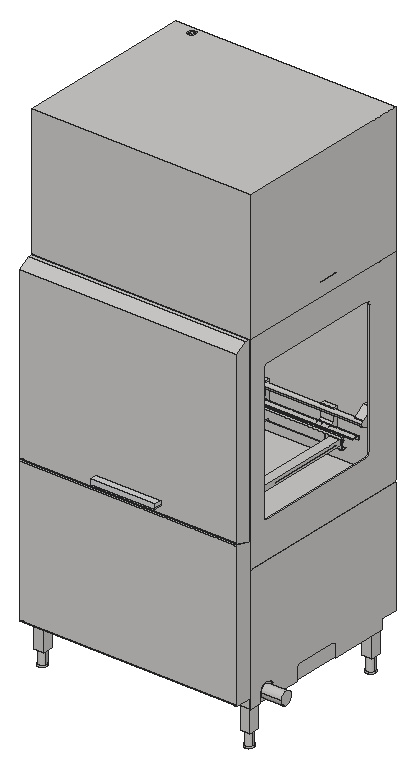
Revit family "QF_ELECTROLUXPROFESSIONAL_535039_NLDE", category Specialty Equipment, Revit 2018
Family settings
  Round Connector Dimension = Use Diameter
  Part Type = Normal
  Work Plane-Based = No
  Always vertical = Yes
  Cut with Voids When Loaded = No
  Shared = No
  Room Calculation Point = No
Parameters
  Weight = 0.00 kg
  Watts = 0 W
  Volts = 380 V
  URL Manufacturer = "http://professional.electrolux.com/"
  URL = "http://professional.electrolux.com/"
  Steam Supply Size = 0 mm
  Steam Supply Minimum Pressure = 0.0 Pa
  Steam Supply Maximum Pressure = 0.0 Pa
  Steam Pounds per Hour = 0
  Show Clearance [instance] = yes
  Refrigeration Suction Line Size = 0 mm
  Refrigeration Liquid Line Size = 0 mm
  Refrigerant Compressor Remote = yes
  Manufacturer = "Zanussi"
  Phase = 3
  Model = "NLDE"
  Length Actual = 890 mm  # constant formula
  Item Number = "535039"
  Hot Water Size = 0 mm
  Height Actual = 2020 mm  # constant formula
  HP = "11.4 HP"
  Gas Size = 0 mm
  Gas KW = 0
  Gas Input Pressure = 0 W
  Direct Waste Size = 50 mm
  Description = "LARGE DRYER WITH DOOR RT-ELEC."
  Depth Actual = 825 mm  # constant formula
  Cycle = 50 Hz
  Condensate Return Size = 0 mm
  Compressed Air Volume = 0.0 L/s
  Compressed Air Size = 0 mm
  Compressed Air Pressure = 0.0 Pa
  Cold Water Size = 0 mm
  Accessory = yes
Reference planes
  plane 1 "Center X": y = -14.242
  plane 2: z = 0
  plane 3 "Center Y": x = 293.437
  plane 4 "LEFT": x = -151.563
  plane 5 "RIGHT": x = 738.437
  plane 6 "BACK": y = 383.258
  plane 7 "FRONT": y = -411.742
  plane 8: z = 150
  plane 9: z = 2095
  plane 10: z = 185
  plane 11 "TOP": z = 2020
Forms (mm)
  Extrusion 1, solid, material "QF_Clearance", visible <- "Show Clearance", detail levels coarse
    sketch origin (0, 0, 0) x (1, 0, 0) y (0, 1, 0)
      loop
        line (-151.563, 383.258) -> (738.437, 383.258) -> (738.437, 433.258) -> (-151.563, 433.258) -> (-151.563, 383.258)
    from 0 to 2020
  Extrusion 2, solid, material "QF_Finishes_Stainless Steel"
    sketch origin (-151.563, 437.565, 4000) x (0, 1, 0) y (0, 0, 1)
      loop
        line (-54.307, -2507) -> (-786.807, -2507) -> (-786.807, -3337)
        arc (-786.807, -3337) -> (-785.343, -3340.536) -> (-781.807, -3342) r 5
        line (-781.807, -3342) -> (-59.307, -3342)
        arc (-59.307, -3342) -> (-55.772, -3340.536) -> (-54.307, -3337) r 5
        line (-54.307, -3337) -> (-54.307, -2507)
      loop
        line (-203.511, -2625.157) -> (-705.104, -2625.157)
        arc (-705.104, -2625.157) -> (-717.267, -2630.195) -> (-722.305, -2642.358) r 17.201
        line (-722.305, -2642.358) -> (-722.305, -3177.057)
        arc (-722.305, -3177.057) -> (-717.267, -3189.22) -> (-705.104, -3194.258) r 17.201
        line (-705.104, -3194.258) -> (-203.511, -3194.258)
        arc (-203.511, -3194.258) -> (-191.348, -3189.22) -> (-186.31, -3177.057) r 17.201
        line (-186.31, -3177.057) -> (-186.31, -2642.358)
        arc (-186.31, -2642.358) -> (-191.348, -2630.195) -> (-203.511, -2625.157) r 17.201
    from 0 to 5
  Extrusion 3, solid, material "QF_Finishes_Stainless Steel"
    sketch origin (293.437, 0, 235) x (0, 1, 0) y (0, 0, 1)
      loop
        line (383.258, 1785) -> (-349.242, 1785) -> (-349.242, 1258) -> (383.258, 1258) -> (383.258, 1785)
    from -445 to 445
  Extrusion 4, solid, material "QF_Finishes_Stainless Steel"
    sketch origin (293.437, 0, 0) x (0, 1, 0) y (0, 0, 1)
      loop
        line (383.258, 1493) -> (-349.242, 1493) -> (-349.242, 150) -> (315.758, 150) -> (315.758, 188) -> (383.258, 188) -> (383.258, 1493)
      loop
        line (315.758, 1443) -> (-324.242, 1443) -> (-324.242, 708) -> (315.758, 708) -> (315.758, 1443)
    from -440 to 440
  Extrusion 5, solid, material "QF_Finishes_Stainless Steel"
    sketch origin (-151.563, 437.565, 4000) x (0, 1, 0) y (0, 0, 1)
      loop
        line (-59.307, -3344) -> (-781.807, -3344)
        arc (-781.807, -3344) -> (-785.343, -3345.464) -> (-786.807, -3349) r 5
        line (-786.807, -3349) -> (-786.807, -3850) -> (-740.31, -3850) -> (-740.31, -3815)
        arc (-740.31, -3815) -> (-707.31, -3782) -> (-674.31, -3815) r 33
        line (-674.31, -3815) -> (-674.31, -3850) -> (-554.307, -3850) -> (-554.307, -3805)
        arc (-554.307, -3805) -> (-549.914, -3794.393) -> (-539.307, -3790) r 15
        line (-539.307, -3790) -> (-369.307, -3790)
        arc (-369.307, -3790) -> (-358.701, -3794.393) -> (-354.307, -3805) r 15
        line (-354.307, -3805) -> (-354.307, -3850) -> (-121.807, -3850) -> (-121.807, -3812) -> (-54.307, -3812) -> (-54.307, -3349)
        arc (-54.307, -3349) -> (-55.772, -3345.464) -> (-59.307, -3344) r 5
    from 0 to 5
  Extrusion 6, solid, material "QF_Finishes_Stainless Steel"
    sketch origin (738.437, 479.936, 4000) x (0, 1, 0) y (0, 0, 1)
      loop
        line (-96.678, -2507) -> (-829.178, -2507) -> (-829.178, -3337)
        arc (-829.178, -3337) -> (-827.714, -3340.536) -> (-824.178, -3342) r 5
        line (-824.178, -3342) -> (-101.678, -3342)
        arc (-101.678, -3342) -> (-98.142, -3340.536) -> (-96.678, -3337) r 5
        line (-96.678, -3337) -> (-96.678, -2507)
      loop
        line (-245.882, -2625.157) -> (-747.475, -2625.157)
        arc (-747.475, -2625.157) -> (-759.638, -2630.195) -> (-764.676, -2642.358) r 17.201
        line (-764.676, -2642.358) -> (-764.676, -3177.057)
        arc (-764.676, -3177.057) -> (-759.638, -3189.22) -> (-747.475, -3194.258) r 17.201
        line (-747.475, -3194.258) -> (-245.882, -3194.258)
        arc (-245.882, -3194.258) -> (-233.718, -3189.22) -> (-228.68, -3177.057) r 17.201
        line (-228.68, -3177.057) -> (-228.68, -2642.358)
        arc (-228.68, -2642.358) -> (-233.718, -2630.195) -> (-245.882, -2625.157) r 17.201
    from -5 to 0
  Extrusion 7, solid, material "QF_Finishes_Stainless Steel"
    sketch origin (738.437, 479.936, 4000) x (0, 1, 0) y (0, 0, 1)
      loop
        line (-101.678, -3344) -> (-824.178, -3344)
        arc (-824.178, -3344) -> (-827.714, -3345.464) -> (-829.178, -3349) r 5
        line (-829.178, -3349) -> (-829.178, -3850) -> (-782.68, -3850) -> (-782.68, -3815)
        arc (-782.68, -3815) -> (-749.68, -3782) -> (-716.68, -3815) r 33
        line (-716.68, -3815) -> (-716.68, -3850) -> (-596.678, -3850) -> (-596.678, -3805)
        arc (-596.678, -3805) -> (-592.285, -3794.393) -> (-581.678, -3790) r 15
        line (-581.678, -3790) -> (-411.678, -3790)
        arc (-411.678, -3790) -> (-401.071, -3794.393) -> (-396.678, -3805) r 15
        line (-396.678, -3805) -> (-396.678, -3850) -> (-164.178, -3850) -> (-164.178, -3812) -> (-96.678, -3812) -> (-96.678, -3349)
        arc (-96.678, -3349) -> (-98.142, -3345.464) -> (-101.678, -3344) r 5
    from -5 to 0
  Extrusion 8, void
    sketch origin (293.437, 383.258, 2020) x (1, 0, 0) y (0, -1, 0)
      loop
        circle (-353, 33.75) r 8
      loop
        circle (-353, 33.75) r 16
    from 0 to 5
Cuts and joins
  Extrusion 8 cuts Extrusion 3
Lines and regions (mm)
  symbolic lines, style "QF_Clearances", visible <- "Show Clearance", detail levels coarse
    curve 1: line (738.437, 433.258, 2020) -> (-151.563, 433.258, 2020)
  symbolic lines
    curve 2: line (-151.563, 383.258, 0) -> (738.437, 383.258, 0)
    curve 3: line (-151.563, -349.242, 0) -> (-151.563, 383.258, 0)
    curve 4: line (738.437, -349.242, 0) -> (-151.563, -349.242, 0)
    curve 5: line (738.437, 383.258, 0) -> (738.437, -349.242, 0)
    curve 6: line (-151.563, 315.758, 0) -> (738.437, 315.758, 0)
Dimensions and locks
  plane 4 "LEFT" to plane 5 "RIGHT" = 890 mm
  equal spacing: plane 6 "BACK", plane 1 "Center X", plane 7 "FRONT"
  plane 6 "BACK" to plane 7 "FRONT" = 795 mm
  plane 8 to level = 150 mm
  Extrusion 1 to Extrusion 8 sketch curve = 92 mm
  locked: Extrusion 5 to plane 4 "LEFT" at 5
  locked: plane 5 "RIGHT" to Extrusion 7 at 5
  aligned and locked: level to plane 2
  aligned and locked: plane 4 "LEFT" to nested 5
  aligned and locked: plane 5 "RIGHT" to nested 4
  aligned and locked: cut or joined group of Extrusion 3, Extrusion 8 to plane 4 "LEFT"
  aligned and locked: plane 5 "RIGHT" to cut or joined group of Extrusion 3, Extrusion 8
  aligned and locked: Extrusion 6 to Extrusion 7
  aligned and locked: Extrusion 4 to Extrusion 7
  aligned and locked: Extrusion 4 to Extrusion 5
  aligned and locked: curve 2 to plane 6 "BACK"
  aligned and locked: curve 5 to plane 5 "RIGHT"
  aligned and locked: plane 4 "LEFT" to curve 3
  aligned and locked: curve 4 to Extrusion 4
  aligned and locked: plane 3 "Center Y" to nested 3
Automatic sketch dimensions
  Extrusion 1 sketch curve to plane 4 "LEFT" = 0 mm
  Extrusion 1 sketch curve to plane 5 "RIGHT" = 0 mm
  Extrusion 1 sketch curve to plane 6 "BACK" = 0 mm
  plane 6 "BACK" to Extrusion 1 sketch curve = 50 mm
  Extrusion 2 sketch curve to plane 6 "BACK" = 0 mm
  Extrusion 2 sketch curve to Extrusion 2 sketch curve = 5 mm  (x2)
  Extrusion 2 sketch curve to plane 6 "BACK" = 132.002 mm  (x2)
  Extrusion 2 sketch curve to Extrusion 2 sketch curve = 17.201 mm  (x3)
  plane 7 "FRONT" to Extrusion 2 sketch curve = 144.203 mm  (x2)
  plane 7 "FRONT" to Extrusion 2 sketch curve = 67.5 mm
  plane 10 to Extrusion 2 sketch curve = 473 mm
  Extrusion 2 sketch curve to Extrusion 2 sketch curve = 142.742 mm
  Extrusion 2 sketch curve to Extrusion 2 sketch curve = 0 mm  (x2)
  Extrusion 2 sketch curve to Extrusion 2 sketch curve = 534.698 mm
  Extrusion 2 sketch curve to Extrusion 2 sketch curve = 135.358 mm
  Extrusion 3 sketch curve to plane 6 "BACK" = 0 mm
  plane 7 "FRONT" to Extrusion 3 sketch curve = 62.5 mm
  Extrusion 3 sketch curve to Extrusion 3 sketch curve = 527 mm
  Extrusion 4 sketch curve to plane 8 = 0 mm
  Extrusion 4 sketch curve to plane 6 "BACK" = 0 mm
  plane 10 to Extrusion 4 sketch curve = 3 mm
  Extrusion 4 sketch curve to plane 6 "BACK" = 67.5 mm  (x2)
  plane 7 "FRONT" to Extrusion 4 sketch curve = 87.5 mm
  plane 7 "FRONT" to Extrusion 4 sketch curve = 62.5 mm
  Extrusion 4 sketch curve to Extrusion 4 sketch curve = 520 mm
  Extrusion 4 sketch curve to Extrusion 4 sketch curve = 50 mm
  Extrusion 5 sketch curve to plane 8 = 0 mm  (x3)
  Extrusion 5 sketch curve to plane 10 = 0 mm  (x2)
  Extrusion 5 sketch curve to plane 6 "BACK" = 0 mm
  Extrusion 5 sketch curve to plane 6 "BACK" = 5 mm
  plane 10 to Extrusion 5 sketch curve = 3 mm
  Extrusion 5 sketch curve to Extrusion 5 sketch curve = 67.5 mm
  Extrusion 5 sketch curve to plane 1 "Center X" = 97.5 mm
  Extrusion 5 sketch curve to Extrusion 5 sketch curve = 15 mm  (x2)
  plane 10 to Extrusion 5 sketch curve = 25 mm
  plane 1 "Center X" to Extrusion 5 sketch curve = 87.5 mm
  Extrusion 5 sketch curve to Extrusion 5 sketch curve = 120.002 mm
  Extrusion 5 sketch curve to Extrusion 5 sketch curve = 33 mm
  plane 7 "FRONT" to Extrusion 5 sketch curve = 67.5 mm
  Extrusion 5 sketch curve to Extrusion 5 sketch curve = 46.498 mm
  plane 10 to Extrusion 5 sketch curve = 466 mm
  Extrusion 6 sketch curve to plane 6 "BACK" = 0 mm
  Extrusion 6 sketch curve to plane 6 "BACK" = 5 mm
  Extrusion 6 sketch curve to plane 6 "BACK" = 132.002 mm  (x2)
  Extrusion 6 sketch curve to Extrusion 6 sketch curve = 17.201 mm  (x3)
  plane 7 "FRONT" to Extrusion 6 sketch curve = 144.203 mm  (x2)
  plane 7 "FRONT" to Extrusion 6 sketch curve = 67.5 mm
  Extrusion 6 sketch curve to Extrusion 6 sketch curve = 5 mm
  plane 10 to Extrusion 6 sketch curve = 473 mm
  Extrusion 6 sketch curve to Extrusion 6 sketch curve = 142.742 mm
  Extrusion 6 sketch curve to Extrusion 6 sketch curve = 0 mm  (x2)
  Extrusion 6 sketch curve to Extrusion 6 sketch curve = 534.698 mm
  Extrusion 6 sketch curve to Extrusion 6 sketch curve = 135.358 mm
  Extrusion 7 sketch curve to plane 8 = 0 mm  (x3)
  Extrusion 7 sketch curve to plane 10 = 0 mm  (x2)
  Extrusion 7 sketch curve to plane 6 "BACK" = 0 mm
  Extrusion 7 sketch curve to plane 6 "BACK" = 5 mm
  plane 10 to Extrusion 7 sketch curve = 3 mm
  Extrusion 7 sketch curve to plane 6 "BACK" = 67.5 mm
  Extrusion 7 sketch curve to plane 1 "Center X" = 97.5 mm
  Extrusion 7 sketch curve to Extrusion 7 sketch curve = 15 mm  (x2)
  plane 10 to Extrusion 7 sketch curve = 25 mm
  plane 1 "Center X" to Extrusion 7 sketch curve = 87.5 mm
  Extrusion 7 sketch curve to Extrusion 7 sketch curve = 120.002 mm
  Extrusion 7 sketch curve to Extrusion 7 sketch curve = 33 mm
  plane 7 "FRONT" to Extrusion 7 sketch curve = 67.5 mm
  Extrusion 7 sketch curve to Extrusion 7 sketch curve = 46.498 mm
  plane 10 to Extrusion 7 sketch curve = 466 mm
  Extrusion 8 sketch curve to Extrusion 8 sketch curve = 0 mm  (x2)
  Extrusion 3 to Extrusion 8 sketch curve = 33.75 mm
  curve 1 to Extrusion 3 = 0 mm  (x2)
  curve 1 to Extrusion 3 = 50 mm
  curve 6 to plane 6 "BACK" = 67.5 mm
  Extrusion 3 sketch curve to plane 9 = 602 mm
  Extrusion 4 sketch curve to plane 9 = 652 mm
  radius of Extrusion 8 sketch curve = 8 mm
  radius of Extrusion 8 sketch curve = 16 mm
Nested families
  nested 1: "Foot_40x40_H150" at (712.437, -324.742, 0), type "Foot_40x40_H150"
  nested 2: "Foot_40x40_H150" at (712.437, 291.258, 0), type "Foot_40x40_H150"
  nested 3: "Basket_Guide+Wash_Arm_35''" at (0, 0, 0), type "Basket_Guide+Wash_Arm_35''"
  nested 4: "Drain_DX" at (-445, 0, 0), type "Drain_DX"
  nested 5: "HWI-CWI_DX" at (445, 0, 0), type "HWI-CWI_DX"
  nested 6: "Foot_40x40_H150" at (-125.563, -324.742, 0) x (-1, 0, 0) z (0, 0, 1), type "Foot_40x40_H150"
  nested 7: "Foot_40x40_H150" at (-125.563, 291.258, 0) x (-1, 0, 0) z (0, 0, 1), type "Foot_40x40_H150"
  nested 8: "Door_35''" at (-115, 0, 0), Show Clearance <- "Show Clearance", type "Door_35''"
    with Show Clearance yes
Connectors
  piping at (818.437, -269.744, 185), diameter 50
    settings: on nested 4, index 2, connector inside diameter 609.6 mm, connector length 0 mm, flow factor 0, pipe flow 0.0 L/s, pressure drop 0.0 Pa, fitting loss kfactor 0, connector angle 0.00°, fixture units 0, engagement length 0 mm, angle of deflection 0.00°, flow configuration 1, flow direction 2, fitting loss method 0, system type 16, joint type 0, gender type 0, connector reference index -1, connector utility 0, adjustable connector no, is connector primary yes, connector description "Drain"
  piping at (-231.563, 53.258, 185), diameter 36
    settings: on nested 5, index 3, connector inside diameter 609.6 mm, connector length 0 mm, flow factor 0, pipe flow 0.0 L/s, pressure drop 0.0 Pa, fitting loss kfactor 0, connector angle 0.00°, fixture units 0, engagement length 0 mm, angle of deflection 0.00°, flow configuration 1, flow direction 1, fitting loss method 0, system type 19, joint type 0, gender type 0, connector reference index -1, connector utility 0, adjustable connector no, is connector primary no, connector description "Hot Water Inlet"
  piping at (-231.563, -86.742, 185), diameter 36
    settings: on nested 5, index 4, connector inside diameter 609.6 mm, connector length 0 mm, flow factor 0, pipe flow 0.0 L/s, pressure drop 0.0 Pa, fitting loss kfactor 0, connector angle 0.00°, fixture units 0, engagement length 0 mm, angle of deflection 0.00°, flow configuration 1, flow direction 1, fitting loss method 0, system type 20, joint type 0, gender type 0, connector reference index -1, connector utility 0, adjustable connector no, is connector primary no, connector description "Cold Water Inlet"
  electrical at (-59.563, 349.508, 2020), driven by "Volts"
    settings: on cut or joined group of Extrusion 3, Extrusion 8, index 5, voltage 380 V, apparent load 0 VA, apparent load phase1 0 VA, apparent load phase2 0 VA, apparent load phase3 0 VA, power factor 1, load classification "Altro", number of poles 1, system type 30, power factor state 1, is connector primary yes, connector utility no, sub classification motor no, connector description "Electrical Connection"
Definition of nested family "Foot_40x40_H150"
  Reference planes
    plane 1 "Centro (Fronte/Retro)": y = 0
    plane 2: z = 0
    plane 3 "Centro (Sinistra/Destra)": x = 0
    plane 4: z = 150
  Forms (mm)
    Extrusion 1, solid
      sketch origin (0, 0, 0) x (1, 0, 0) y (0, 1, 0)
        loop
          circle (0, 0) r 18
      from 0 to 5
    Extrusion 2, solid
      sketch origin (0, 0, 5) x (1, 0, 0) y (0, 1, 0)
        loop
          circle (0, 0) r 15
      from 0 to 55
    Extrusion 3, solid
      sketch origin (0, 0, 60) x (1, 0, 0) y (0, 1, 0)
        loop
          line (-20, 20) -> (-20, -20) -> (20, -20) -> (20, 20) -> (-20, 20)
      from 0 to 90
  Dimensions and locks
    aligned and locked: level to plane 2
    aligned and locked: plane 4 to Extrusion 3
    aligned and locked: Extrusion 1 to level
Definition of nested family "Basket_Guide+Wash_Arm_35''"
  Reference planes
    plane 1 "Center X": y = -14.242
    plane 2: z = 0
    plane 3 "Center Y": x = 293.437
    plane 4 "LEFT": x = -151.563
    plane 5 "RIGHT": x = 738.437
    plane 6 "BACK": y = 383.258
    plane 7 "FRONT": y = -411.742
    plane 8: z = 150
    plane 9 "TOP": z = 1785
    plane 10: z = 875
  Forms (mm)
    Extrusion 1, solid
      sketch origin (293.437, -8.484, 0) x (0, -1, 0) y (0, 0, 1)
        loop
          line (267.703, 929.245) -> (267.703, 907.554) -> (315.758, 879.81) -> (315.758, 956.99) -> (267.703, 929.245)
        loop
          line (-256.187, 929.245) -> (-304.242, 956.99) -> (-324.242, 956.99) -> (-324.242, 879.81) -> (-304.242, 879.81) -> (-256.187, 907.554) -> (-256.187, 929.245)
      from -424 to -388
    Extrusion 2, solid
      sketch origin (293.437, -8.484, 0) x (0, -1, 0) y (0, 0, 1)
        loop
          circle (270.703, 918.4) r 10
        loop
          circle (-259.187, 918.4) r 10
      from -424 to 424
    Extrusion 3, solid
      sketch origin (293.437, -28.484, 0) x (0, -1, 0) y (0, 0, 1)
        loop
          line (251.003, 880.8) -> (243.003, 872.8) -> (228.003, 872.8) -> (228.003, 855.89) -> (208.003, 855.89) -> (208.003, 833.698) -> (244.4, 833.698) -> (215.584, 804.882) -> (206.801, 763.596) -> (207.78, 763.388) -> (216.501, 804.385) -> (268.424, 856.308) -> (268.424, 933.4) -> (251.003, 933.4) -> (251.003, 880.8)
        loop
          line (-279.487, 880.8) -> (-279.487, 933.4) -> (-296.908, 933.4) -> (-296.908, 856.308) -> (-274.298, 833.698) -> (-236.487, 833.698) -> (-236.487, 855.89) -> (-256.487, 855.89) -> (-256.487, 872.8) -> (-271.487, 872.8) -> (-279.487, 880.8)
        loop
          line (223.202, 1443) -> (221.202, 1443) -> (221.202, 1420.7) -> (198.852, 1381.988) -> (200.584, 1380.988) -> (223.202, 1420.164) -> (223.202, 1443)
      from -300 to -250
    Extrusion 4, solid
      sketch origin (293.437, -8.484, 0) x (0, -1, 0) y (0, 0, 1)
        loop
          line (-249.098, 858) -> (-249.098, 870.68)
          arc (-249.098, 870.68) -> (-248.419, 872.32) -> (-246.778, 873) r 2.32
          line (-246.778, 873) -> (-219.098, 873) -> (-219.098, 875) -> (-246.778, 875)
          arc (-246.778, 875) -> (-249.833, 873.735) -> (-251.098, 870.68) r 4.32
          line (-251.098, 870.68) -> (-251.098, 858) -> (-249.098, 858)
        loop
          line (260.615, 858) -> (262.615, 858) -> (262.615, 870.68)
          arc (262.615, 870.68) -> (261.349, 873.735) -> (258.294, 875) r 4.32
          line (258.294, 875) -> (230.615, 875) -> (230.615, 873) -> (258.294, 873)
          arc (258.294, 873) -> (259.935, 872.32) -> (260.615, 870.68) r 2.32
          line (260.615, 870.68) -> (260.615, 858)
      from -410 to 410
    Extrusion 5, solid
      sketch origin (293.437, -8.484, 0) x (0, -1, 0) y (0, 0, 1)
        loop
          arc (-216.318, 825.32) -> (-216.998, 823.679) -> (-218.639, 823) r 2.32
          line (-218.639, 823) -> (-236.318, 823) -> (-236.318, 821) -> (-218.639, 821)
          arc (-218.639, 821) -> (-215.584, 822.265) -> (-214.318, 825.32) r 4.32
          line (-214.318, 825.32) -> (-214.318, 861.68)
          arc (-214.318, 861.68) -> (-215.584, 864.735) -> (-218.639, 866) r 4.32
          line (-218.639, 866) -> (-236.318, 866) -> (-236.318, 864) -> (-218.639, 864)
          arc (-218.639, 864) -> (-216.998, 863.32) -> (-216.318, 861.68) r 2.32
          line (-216.318, 861.68) -> (-216.318, 825.32)
        loop
          line (227.835, 825.32) -> (227.835, 861.68)
          arc (227.835, 861.68) -> (228.514, 863.32) -> (230.155, 864) r 2.32
          line (230.155, 864) -> (247.835, 864) -> (247.835, 866) -> (230.155, 866)
          arc (230.155, 866) -> (227.1, 864.735) -> (225.835, 861.68) r 4.32
          line (225.835, 861.68) -> (225.835, 825.32)
          arc (225.835, 825.32) -> (227.1, 822.265) -> (230.155, 821) r 4.32
          line (230.155, 821) -> (247.835, 821) -> (247.835, 823) -> (230.155, 823)
          arc (230.155, 823) -> (228.514, 823.679) -> (227.835, 825.32) r 2.32
      from -370 to 370
    Extrusion 6, solid
      sketch origin (293.437, -8.484, 0) x (0, -1, 0) y (0, 0, 1)
        loop
          line (267.703, 929.245) -> (267.703, 907.554) -> (315.758, 879.81) -> (315.758, 956.99) -> (267.703, 929.245)
        loop
          line (-256.187, 929.245) -> (-304.242, 956.99) -> (-324.242, 956.99) -> (-324.242, 879.81) -> (-304.242, 879.81) -> (-256.187, 907.554) -> (-256.187, 929.245)
      from 424 to 388
    Extrusion 7, solid
      sketch origin (293.437, -28.484, 0) x (0, -1, 0) y (0, 0, 1)
        loop
          line (251.003, 880.8) -> (243.003, 872.8) -> (228.003, 872.8) -> (228.003, 855.89) -> (208.003, 855.89) -> (208.003, 833.698) -> (244.4, 833.698) -> (215.584, 804.882) -> (206.801, 763.596) -> (207.78, 763.388) -> (216.501, 804.385) -> (268.424, 856.308) -> (268.424, 933.4) -> (251.003, 933.4) -> (251.003, 880.8)
        loop
          line (-279.487, 880.8) -> (-279.487, 933.4) -> (-296.908, 933.4) -> (-296.908, 856.308) -> (-274.298, 833.698) -> (-236.487, 833.698) -> (-236.487, 855.89) -> (-256.487, 855.89) -> (-256.487, 872.8) -> (-271.487, 872.8) -> (-279.487, 880.8)
        loop
          line (223.202, 1443) -> (221.202, 1443) -> (221.202, 1420.7) -> (198.852, 1381.988) -> (200.584, 1380.988) -> (223.202, 1420.164) -> (223.202, 1443)
      from 300 to 250
    Extrusion 8, solid
      sketch origin (293.437, -8.484, 0) x (0, -1, 0) y (0, 0, 1)
        loop
          line (225.835, 858) -> (-214.318, 858) -> (-214.318, 836) -> (225.835, 836) -> (225.835, 858)
      from -360 to -325
    Extrusion 9, solid
      sketch origin (293.437, -8.484, 0) x (0, -1, 0) y (0, 0, 1)
        loop
          line (225.835, 858) -> (-214.318, 858) -> (-214.318, 836) -> (225.835, 836) -> (225.835, 858)
      from 360 to 325
    Extrusion 10, solid
      sketch origin (293.437, 315.758, 1443) x (0, 0, 1) y (-1, 0, 0)
        loop
          line (-650.516, -267.5) -> (-663.507, -260) -> (-676.497, -267.5) -> (-676.497, -282.5) -> (-663.507, -290) -> (-650.516, -282.5) -> (-650.516, -267.5)
        loop
          line (-650.516, 7.5) -> (-663.507, 15) -> (-676.497, 7.5) -> (-676.497, -7.5) -> (-663.507, -15) -> (-650.516, -7.5) -> (-650.516, 7.5)
        loop
          line (-650.516, 282.5) -> (-663.507, 290) -> (-676.497, 282.5) -> (-676.497, 267.5) -> (-663.507, 260) -> (-650.516, 267.5) -> (-650.516, 282.5)
        loop
          line (-22.01, -267.5) -> (-35, -260) -> (-47.99, -267.5) -> (-47.99, -282.5) -> (-35, -290) -> (-22.01, -282.5) -> (-22.01, -267.5)
        loop
          line (-22.01, 7.5) -> (-35, 15) -> (-47.99, 7.5) -> (-47.99, -7.5) -> (-35, -15) -> (-22.01, -7.5) -> (-22.01, 7.5)
        loop
          line (-22.01, 282.5) -> (-35, 290) -> (-47.99, 282.5) -> (-47.99, 267.5) -> (-35, 260) -> (-22.01, 267.5) -> (-22.01, 282.5)
      from 0 to 30
    Extrusion 11, solid
      sketch origin (293.437, 285.758, 1443) x (0, 0, 1) y (-1, 0, 0)
        loop
          circle (-663.507, -275) r 10
        loop
          circle (-663.507, 0) r 10
        loop
          circle (-663.507, 275) r 10
        loop
          circle (-35, 275) r 10
        loop
          circle (-35, 0) r 10
        loop
          circle (-35, -275) r 10
      from 0 to 537.443
    Extrusion 12, solid
      sketch origin (293.437, -28.484, 0) x (0, -1, 0) y (0, 0, 1)
        loop
          line (251.003, 880.8) -> (243.003, 872.8) -> (228.003, 872.8) -> (228.003, 855.89) -> (208.003, 855.89) -> (208.003, 833.698) -> (244.4, 833.698) -> (215.584, 804.882) -> (206.801, 763.596) -> (207.78, 763.388) -> (216.501, 804.385) -> (268.424, 856.308) -> (268.424, 933.4) -> (251.003, 933.4) -> (251.003, 880.8)
        loop
          line (-279.487, 880.8) -> (-279.487, 933.4) -> (-296.908, 933.4) -> (-296.908, 856.308) -> (-274.298, 833.698) -> (-236.487, 833.698) -> (-236.487, 855.89) -> (-256.487, 855.89) -> (-256.487, 872.8) -> (-271.487, 872.8) -> (-279.487, 880.8)
        loop
          line (223.202, 1443) -> (221.202, 1443) -> (221.202, 1420.7) -> (198.852, 1381.988) -> (200.584, 1380.988) -> (223.202, 1420.164) -> (223.202, 1443)
      from -25 to 25
  Cuts and joins
    joined: Extrusion 1, Extrusion 2, Extrusion 3, Extrusion 4, Extrusion 6, Extrusion 7, Extrusion 10, Extrusion 11, Extrusion 12
    joined: Extrusion 5, Extrusion 8, Extrusion 9
  Dimensions and locks
    plane 4 "LEFT" to plane 5 "RIGHT" = 890 mm
    equal spacing: plane 4 "LEFT", plane 3 "Center Y", plane 5 "RIGHT"
    equal spacing: plane 6 "BACK", plane 1 "Center X", plane 7 "FRONT"
    plane 6 "BACK" to plane 7 "FRONT" = 795 mm
    plane 9 "TOP" to plane 8 to level = 1635 mm, 150 mm
    aligned and locked: level to plane 2
  Automatic sketch dimensions
    plane 10 to Extrusion 1 sketch curve = 4.81 mm  (x2)
    Extrusion 1 sketch curve to plane 6 "BACK" = 67.5 mm
    Extrusion 1 sketch curve to Extrusion 1 sketch curve = 20 mm  (x2)
    Extrusion 1 sketch curve to Extrusion 1 sketch curve = 48.055 mm  (x2)
    plane 10 to Extrusion 1 sketch curve = 32.554 mm  (x2)
    Extrusion 1 sketch curve to Extrusion 1 sketch curve = 21.691 mm  (x2)
    Extrusion 1 sketch curve to Extrusion 1 sketch curve = 27.745 mm  (x2)
    plane 10 to Extrusion 2 sketch curve = 43.4 mm  (x2)
    Extrusion 2 sketch curve to plane 6 "BACK" = 132.555 mm
    Extrusion 3 sketch curve to plane 6 "BACK" = 114.834 mm
    Extrusion 3 sketch curve to Extrusion 3 sketch curve = 17.421 mm  (x3)
    plane 10 to Extrusion 3 sketch curve = 5.8 mm  (x2)
    Extrusion 3 sketch curve to plane 10 = 41.302 mm
    Extrusion 3 sketch curve to Extrusion 3 sketch curve = 22.61 mm
    Extrusion 3 sketch curve to plane 10 = 2.2 mm  (x2)
    Extrusion 3 sketch curve to Extrusion 3 sketch curve = 8 mm  (x2)
    Extrusion 3 sketch curve to Extrusion 3 sketch curve = 15 mm  (x2)
    Extrusion 3 sketch curve to Extrusion 3 sketch curve = 20 mm  (x2)
    Extrusion 3 sketch curve to Extrusion 3 sketch curve = 1.732 mm
    Extrusion 3 sketch curve to Extrusion 3 sketch curve = 0.978 mm
    Extrusion 3 sketch curve to Extrusion 3 sketch curve = 0.916 mm
    Extrusion 3 sketch curve to Extrusion 3 sketch curve = 2 mm
    Extrusion 3 sketch curve to Extrusion 3 sketch curve = 39.101 mm
    Extrusion 3 sketch curve to Extrusion 3 sketch curve = 16.909 mm  (x2)
    Extrusion 3 sketch curve to plane 10 = 18.692 mm  (x2)
    Extrusion 3 sketch curve to Extrusion 3 sketch curve = 52.6 mm  (x2)
    Extrusion 3 sketch curve to Extrusion 3 sketch curve = 22.3 mm
    Extrusion 4 sketch curve to Extrusion 4 sketch curve = 0 mm  (x6)
    Extrusion 4 sketch curve to plane 10 = 0 mm  (x2)
    Extrusion 4 sketch curve to plane 10 = 4.32 mm  (x2)
    Extrusion 4 sketch curve to plane 6 "BACK" = 140.644 mm
    Extrusion 4 sketch curve to Extrusion 4 sketch curve = 2 mm  (x2)
    Extrusion 4 sketch curve to Extrusion 4 sketch curve = 27.68 mm  (x2)
    Extrusion 4 sketch curve to Extrusion 4 sketch curve = 12.68 mm  (x2)
    Extrusion 5 sketch curve to Extrusion 5 sketch curve = 0 mm  (x10)
    Extrusion 5 sketch curve to plane 10 = 9 mm
    Extrusion 5 sketch curve to plane 6 "BACK" = 155.423 mm
    Extrusion 5 sketch curve to Extrusion 5 sketch curve = 17.68 mm  (x4)
    Extrusion 5 sketch curve to Extrusion 5 sketch curve = 2.32 mm  (x3)
    Extrusion 5 sketch curve to Extrusion 5 sketch curve = 2 mm  (x2)
    Extrusion 5 sketch curve to Extrusion 5 sketch curve = 36.36 mm
    Extrusion 5 sketch curve to plane 10 = 13.32 mm
    plane 10 to Extrusion 6 sketch curve = 4.81 mm  (x2)
    Extrusion 6 sketch curve to plane 6 "BACK" = 67.5 mm
    Extrusion 6 sketch curve to Extrusion 6 sketch curve = 20 mm  (x2)
    Extrusion 6 sketch curve to Extrusion 6 sketch curve = 48.055 mm  (x2)
    plane 10 to Extrusion 6 sketch curve = 32.554 mm  (x2)
    Extrusion 6 sketch curve to Extrusion 6 sketch curve = 21.691 mm  (x2)
    Extrusion 6 sketch curve to Extrusion 6 sketch curve = 27.745 mm  (x2)
    Extrusion 7 sketch curve to plane 6 "BACK" = 114.834 mm
    Extrusion 7 sketch curve to Extrusion 7 sketch curve = 17.421 mm  (x3)
    plane 10 to Extrusion 7 sketch curve = 5.8 mm  (x2)
    Extrusion 7 sketch curve to plane 10 = 41.302 mm
    Extrusion 7 sketch curve to Extrusion 7 sketch curve = 22.61 mm
    Extrusion 7 sketch curve to plane 10 = 2.2 mm  (x2)
    Extrusion 7 sketch curve to Extrusion 7 sketch curve = 8 mm  (x2)
    Extrusion 7 sketch curve to Extrusion 7 sketch curve = 15 mm  (x2)
    Extrusion 7 sketch curve to Extrusion 7 sketch curve = 20 mm  (x2)
    Extrusion 7 sketch curve to Extrusion 7 sketch curve = 1.732 mm
    Extrusion 7 sketch curve to Extrusion 7 sketch curve = 0.978 mm
    Extrusion 7 sketch curve to Extrusion 7 sketch curve = 0.916 mm
    Extrusion 7 sketch curve to Extrusion 7 sketch curve = 2 mm
    Extrusion 7 sketch curve to Extrusion 7 sketch curve = 39.101 mm
    Extrusion 7 sketch curve to Extrusion 7 sketch curve = 16.909 mm  (x2)
    Extrusion 7 sketch curve to plane 10 = 18.692 mm  (x2)
    Extrusion 7 sketch curve to Extrusion 7 sketch curve = 52.6 mm  (x2)
    Extrusion 7 sketch curve to Extrusion 7 sketch curve = 22.3 mm
    Extrusion 8 sketch curve to plane 10 = 17 mm
    Extrusion 8 sketch curve to Extrusion 8 sketch curve = 22 mm
    Extrusion 9 sketch curve to plane 10 = 17 mm
    Extrusion 9 sketch curve to Extrusion 9 sketch curve = 22 mm
    Extrusion 10 sketch curve to Extrusion 10 sketch curve = 7.5 mm  (x15)
    plane 3 "Center Y" to Extrusion 10 sketch curve = 15 mm  (x2)
    plane 3 "Center Y" to Extrusion 10 sketch curve = 7.5 mm  (x4)
    Extrusion 10 sketch curve to plane 3 "Center Y" = 7.5 mm  (x4)
    Extrusion 11 sketch curve to Extrusion 10 = 12.99 mm  (x7)
    Extrusion 11 sketch curve to Extrusion 11 sketch curve = 0 mm
    Extrusion 11 sketch curve to Extrusion 11 sketch curve = 275 mm  (x4)
    Extrusion 12 sketch curve to plane 6 "BACK" = 114.834 mm
    Extrusion 12 sketch curve to Extrusion 12 sketch curve = 17.421 mm  (x3)
    plane 10 to Extrusion 12 sketch curve = 5.8 mm  (x2)
    Extrusion 12 sketch curve to plane 10 = 41.302 mm
    Extrusion 12 sketch curve to Extrusion 12 sketch curve = 22.61 mm
    Extrusion 12 sketch curve to plane 10 = 2.2 mm  (x2)
    Extrusion 12 sketch curve to Extrusion 12 sketch curve = 8 mm  (x2)
    Extrusion 12 sketch curve to Extrusion 12 sketch curve = 15 mm  (x2)
    Extrusion 12 sketch curve to Extrusion 12 sketch curve = 20 mm  (x2)
    Extrusion 12 sketch curve to Extrusion 12 sketch curve = 1.732 mm
    Extrusion 12 sketch curve to Extrusion 12 sketch curve = 0.978 mm
    Extrusion 12 sketch curve to Extrusion 12 sketch curve = 0.916 mm
    Extrusion 12 sketch curve to Extrusion 12 sketch curve = 2 mm
    Extrusion 12 sketch curve to Extrusion 12 sketch curve = 39.101 mm
    Extrusion 12 sketch curve to Extrusion 12 sketch curve = 16.909 mm  (x2)
    Extrusion 12 sketch curve to plane 10 = 18.692 mm  (x2)
    Extrusion 12 sketch curve to Extrusion 12 sketch curve = 52.6 mm  (x2)
    Extrusion 12 sketch curve to Extrusion 12 sketch curve = 22.3 mm
    plane 7 "FRONT" to Extrusion 1 sketch curve = 135.555 mm
    plane 7 "FRONT" to Extrusion 2 sketch curve = 132.555 mm
    plane 7 "FRONT" to Extrusion 3 sketch curve = 184.407 mm
    plane 7 "FRONT" to Extrusion 3 sketch curve = 176.457 mm
    Extrusion 3 sketch curve to Extrusion 3 sketch curve = 7.581 mm
    Extrusion 3 sketch curve to Extrusion 3 sketch curve = 16.397 mm
    Extrusion 3 sketch curve to Extrusion 3 sketch curve = 0 mm
    plane 7 "FRONT" to Extrusion 4 sketch curve = 172.644 mm
    plane 7 "FRONT" to Extrusion 5 sketch curve = 177.423 mm
    plane 7 "FRONT" to Extrusion 6 sketch curve = 135.555 mm
    plane 7 "FRONT" to Extrusion 7 sketch curve = 184.407 mm
    plane 7 "FRONT" to Extrusion 7 sketch curve = 176.457 mm
    Extrusion 7 sketch curve to Extrusion 7 sketch curve = 7.581 mm
    Extrusion 7 sketch curve to Extrusion 7 sketch curve = 16.397 mm
    Extrusion 7 sketch curve to Extrusion 7 sketch curve = 0 mm
    Extrusion 8 sketch curve to plane 6 "BACK" = 177.423 mm
    plane 7 "FRONT" to Extrusion 8 sketch curve = 177.423 mm
    Extrusion 9 sketch curve to plane 6 "BACK" = 177.423 mm
    plane 7 "FRONT" to Extrusion 9 sketch curve = 177.423 mm
    plane 7 "FRONT" to Extrusion 12 sketch curve = 184.407 mm
    plane 7 "FRONT" to Extrusion 12 sketch curve = 176.457 mm
    Extrusion 12 sketch curve to Extrusion 12 sketch curve = 7.581 mm
    Extrusion 12 sketch curve to Extrusion 12 sketch curve = 16.397 mm
    Extrusion 12 sketch curve to Extrusion 12 sketch curve = 0 mm
    Extrusion 10 sketch curve to plane 5 "RIGHT" = 185 mm  (x2)
    Extrusion 10 sketch curve to Extrusion 10 sketch curve = 15 mm  (x7)
    plane 4 "LEFT" to Extrusion 10 sketch curve = 185 mm  (x2)
    Extrusion 3 sketch curve to Extrusion 3 sketch curve = 1.202 mm
    Extrusion 3 sketch curve to Extrusion 3 sketch curve = 22.35 mm
    Extrusion 3 sketch curve to Extrusion 3 sketch curve = 28.816 mm
    Extrusion 3 sketch curve to Extrusion 3 sketch curve = 0.498 mm
    Extrusion 3 sketch curve to plane 9 "TOP" = 404.012 mm
    Extrusion 3 sketch curve to Extrusion 3 sketch curve = 1 mm
    Extrusion 5 sketch curve to Extrusion 5 sketch curve = 40.68 mm
    Extrusion 7 sketch curve to Extrusion 7 sketch curve = 1.202 mm
    Extrusion 7 sketch curve to Extrusion 7 sketch curve = 22.35 mm
    Extrusion 7 sketch curve to Extrusion 7 sketch curve = 28.816 mm
    Extrusion 7 sketch curve to Extrusion 7 sketch curve = 0.498 mm
    Extrusion 7 sketch curve to plane 9 "TOP" = 404.012 mm
    Extrusion 7 sketch curve to Extrusion 7 sketch curve = 1 mm
    Extrusion 10 sketch curve to plane 10 = 108.497 mm  (x3)
    Extrusion 10 sketch curve to Extrusion 10 sketch curve = 12.99 mm  (x18)
    Extrusion 10 sketch curve to plane 9 "TOP" = 389.99 mm
    Extrusion 10 sketch curve to Extrusion 10 sketch curve = 0 mm  (x2)
    Extrusion 12 sketch curve to Extrusion 12 sketch curve = 1.202 mm
    Extrusion 12 sketch curve to Extrusion 12 sketch curve = 22.35 mm
    Extrusion 12 sketch curve to Extrusion 12 sketch curve = 28.816 mm
    Extrusion 12 sketch curve to Extrusion 12 sketch curve = 0.498 mm
    Extrusion 12 sketch curve to plane 9 "TOP" = 404.012 mm
    Extrusion 12 sketch curve to Extrusion 12 sketch curve = 1 mm
    radius of Extrusion 2 sketch curve = 10 mm  (x2)
    radius of Extrusion 11 sketch curve = 10 mm  (x6)
Definition of nested family "Drain_DX"
  Reference planes
    plane 1: z = 0
    plane 2 "RIGHT": x = 1183.437
    plane 3 "BACK": y = 383.258
    plane 4 "FRONT": y = -411.742
    plane 5: z = 150
    plane 6 "TOP": z = 1785
  Forms (mm)
    Extrusion 1, solid
      sketch origin (1183.437, 437.565, 4000) x (0, 1, 0) y (0, 0, 1)
        loop
          circle (-707.31, -3815) r 25
      from -5 to 80
  Dimensions and locks
    plane 3 "BACK" to plane 4 "FRONT" = 795 mm
    plane 6 "TOP" to plane 5 to level = 1635 mm, 150 mm
    aligned and locked: level to plane 1
Definition of nested family "HWI-CWI_DX"
  Reference planes
    plane 1: z = 0
    plane 2 "LEFT": x = -596.563
    plane 3 "BACK": y = 383.258
    plane 4 "FRONT": y = -411.742
    plane 5: z = 150
    plane 6 "TOP": z = 1785
  Forms (mm)
    Revolve 1, solid
      sketch origin (4267.2, -349.242, 185) x (0, -1, 0) y (1, 0, 0)
        loop
          line (-402.5, -4943.763) -> (-402.5, -4858.763) -> (-420.5, -4858.763) -> (-420.5, -4876.167) -> (-416.808, -4876.167) -> (-416.808, -4880.167) -> (-420.5, -4880.167) -> (-420.5, -4894.168) -> (-418.588, -4894.168) -> (-418.588, -4898.168) -> (-416.588, -4898.168) -> (-416.588, -4899.868)
          spline (-416.588, -4899.868) -> (-416.342, -4901.916) -> (-415.73, -4903.656) -> (-414.933, -4905.149) -> (-414.137, -4906.456) -> (-413.524, -4907.64) -> (-413.279, -4908.762) -> (-413.524, -4909.884) -> (-414.137, -4911.068) -> (-414.933, -4912.376) -> (-415.73, -4913.868) -> (-416.342, -4915.608) -> (-416.588, -4917.657)
          line (-416.588, -4917.657) -> (-416.588, -4925.762) -> (-418.588, -4925.762) -> (-418.588, -4929.762) -> (-420.5, -4929.762) -> (-420.5, -4943.763) -> (-402.5, -4943.763)
        axis (-402.5, -4858.763) -> (-402.5, -4943.763)
      angle from 0 to 360
    Revolve 2, solid
      sketch origin (4267.2, -349.242, 185) x (0, -1, 0) y (1, 0, 0)
        loop
          line (-262.5, -4943.763) -> (-262.5, -4858.763) -> (-280.5, -4858.763) -> (-280.5, -4876.167) -> (-276.808, -4876.167) -> (-276.808, -4880.167) -> (-280.5, -4880.167) -> (-280.5, -4894.168) -> (-278.588, -4894.168) -> (-278.588, -4898.168) -> (-276.588, -4898.168) -> (-276.588, -4899.868)
          spline (-276.588, -4899.868) -> (-276.342, -4901.916) -> (-275.73, -4903.656) -> (-274.933, -4905.149) -> (-274.137, -4906.456) -> (-273.524, -4907.64) -> (-273.279, -4908.762) -> (-273.524, -4909.884) -> (-274.137, -4911.068) -> (-274.933, -4912.376) -> (-275.73, -4913.868) -> (-276.342, -4915.608) -> (-276.588, -4917.657)
          line (-276.588, -4917.657) -> (-276.588, -4925.762) -> (-278.588, -4925.762) -> (-278.588, -4929.762) -> (-280.5, -4929.762) -> (-280.5, -4943.763) -> (-262.5, -4943.763)
        axis (-262.5, -4858.763) -> (-262.5, -4943.763)
      angle from 0 to 360
  Dimensions and locks
    plane 3 "BACK" to plane 4 "FRONT" = 795 mm  (x2)
    plane 6 "TOP" to plane 5 to level = 1635 mm, 150 mm
    aligned and locked: level to plane 1
Definition of nested family "Door_35''"
  Parameters
    Show Clearance [instance] = yes
  Reference planes
    plane 1: z = 0
    plane 2 "Center Y": x = 408.437
    plane 3 "LEFT": x = -36.563
    plane 4 "RIGHT": x = 853.437
    plane 5 "FRONT": y = -411.742
    plane 6: z = 150
    plane 7 "TOP": z = 1785
    plane 8: z = 2095
    plane 9: z = 185
    plane 10: y = -349.242
  Forms (mm)
    Extrusion 1, solid
      sketch origin (853.437, -411.742, 1493) x (0, 0, -1) y (1, 0, 0)
        loop
          line (666, -576) -> (681, -576)
          arc (681, -576) -> (684.536, -574.536) -> (686, -571) r 5
          line (686, -571) -> (686, -319)
          arc (686, -319) -> (684.536, -315.464) -> (681, -314) r 5
          line (681, -314) -> (666, -314) -> (666, -576)
      from 0 to 30
    Extrusion 2, solid
      sketch origin (408.437, 0, 0) x (0, 1, 0) y (0, 0, 1)
        loop
          line (-349.242, 188) -> (-349.242, 758.131) -> (-408.595, 774.035)
          arc (-408.595, 774.035) -> (-410.764, 773.603) -> (-411.742, 771.62) r 2.5
          line (-411.742, 771.62) -> (-411.742, 190.5)
          arc (-411.742, 190.5) -> (-411.01, 188.732) -> (-409.242, 188) r 2.5
          line (-409.242, 188) -> (-349.242, 188)
      from -440 to 440
    Extrusion 3, solid
      sketch origin (408.437, 0, 0) x (0, 1, 0) y (0, 0, 1)
        loop
          line (-352.242, 1493) -> (-369.317, 1493) -> (-411.742, 1463.413) -> (-411.742, 778.225)
          arc (-411.742, 778.225) -> (-411.225, 776.703) -> (-409.889, 775.81) r 2.5
          line (-409.889, 775.81) -> (-355.389, 761.206)
          arc (-355.389, 761.206) -> (-353.22, 761.638) -> (-352.242, 763.621) r 2.5
          line (-352.242, 763.621) -> (-352.242, 1493)
      from -440 to 440
    Extrusion 4, solid, visible <- "Show Clearance", detail levels coarse
      sketch origin (853.437, -411.742, 2095) x (0, 0, -1) y (1, 0, 0)
        loop
          line (666, -576) -> (681, -576)
          arc (681, -576) -> (684.536, -574.536) -> (686, -571) r 5
          line (686, -571) -> (686, -319)
          arc (686, -319) -> (684.536, -315.464) -> (681, -314) r 5
          line (681, -314) -> (666, -314) -> (666, -576)
      from 0 to 30
    Extrusion 5, solid, visible <- "Show Clearance", detail levels coarse
      sketch origin (408.437, 0, 602) x (0, 1, 0) y (0, 0, 1)
        loop
          line (-352.242, 1493) -> (-369.317, 1493) -> (-411.742, 1463.413) -> (-411.742, 861.413) -> (-369.317, 891) -> (-352.242, 891) -> (-352.242, 1493)
      from -440 to 440
  Lines and regions (mm)
    symbolic lines
      curve 1: line (-31.563, -411.742, 1785) -> (-31.563, -349.242, 1785)
      curve 2: line (848.437, -411.742, 1785) -> (-31.563, -411.742, 1785)
      curve 3: line (848.437, -349.242, 1785) -> (848.437, -411.742, 1785)
      curve 4: line (277.437, -441.742, 1785) -> (277.437, -411.742, 1785)
      curve 5: line (539.437, -441.742, 1785) -> (277.437, -441.742, 1785)
      curve 6: line (539.437, -411.742, 1785) -> (539.437, -441.742, 1785)
  Dimensions and locks
    plane 3 "LEFT" to plane 4 "RIGHT" = 890 mm
    plane 7 "TOP" to plane 6 to level = 1635 mm, 150 mm
    equal spacing: plane 3 "LEFT", plane 2 "Center Y", plane 4 "RIGHT"
    locked: plane 3 "LEFT" to Extrusion 5 at 5
    locked: Extrusion 5 to plane 4 "RIGHT" at 5
    aligned and locked: level to plane 1
    aligned and locked: Extrusion 3 to Extrusion 5
    aligned and locked: Extrusion 2 to Extrusion 5
    aligned and locked: Extrusion 3 to Extrusion 2
    aligned and locked: Extrusion 5 to Extrusion 2
    aligned and locked: curve 1 to Extrusion 5
    aligned and locked: curve 3 to Extrusion 5
    aligned and locked: Extrusion 4 to Extrusion 1
  Automatic sketch dimensions
    Extrusion 1 sketch curve to plane 2 "Center Y" = 131 mm
    plane 9 to Extrusion 1 sketch curve = 642 mm
    Extrusion 1 sketch curve to Extrusion 1 sketch curve = 15 mm  (x2)
    Extrusion 1 sketch curve to Extrusion 1 sketch curve = 5 mm
    plane 2 "Center Y" to Extrusion 1 sketch curve = 126 mm
    Extrusion 2 sketch curve to plane 5 "FRONT" = 0 mm
    Extrusion 2 sketch curve to plane 10 = 0 mm
    plane 5 "FRONT" to Extrusion 2 sketch curve = 2.5 mm
    Extrusion 2 sketch curve to Extrusion 2 sketch curve = 2.5 mm
    Extrusion 2 sketch curve to Extrusion 2 sketch curve = 0.647 mm
    plane 9 to Extrusion 2 sketch curve = 3 mm
    Extrusion 2 sketch curve to Extrusion 2 sketch curve = 570.131 mm
    Extrusion 2 sketch curve to Extrusion 2 sketch curve = 13.489 mm
    Extrusion 3 sketch curve to plane 5 "FRONT" = 0 mm
    plane 5 "FRONT" to Extrusion 3 sketch curve = 1.853 mm
    Extrusion 3 sketch curve to Extrusion 3 sketch curve = 0.647 mm  (x2)
    Extrusion 3 sketch curve to plane 10 = 20.076 mm
    Extrusion 3 sketch curve to plane 10 = 6.147 mm
    Extrusion 3 sketch curve to plane 10 = 3 mm
    plane 9 to Extrusion 3 sketch curve = 576.206 mm
    Extrusion 3 sketch curve to Extrusion 3 sketch curve = 14.603 mm
    Extrusion 3 sketch curve to plane 7 "TOP" = 321.587 mm
    Extrusion 3 sketch curve to Extrusion 3 sketch curve = 29.587 mm
    Extrusion 4 sketch curve to plane 2 "Center Y" = 131 mm
    Extrusion 4 sketch curve to plane 7 "TOP" = 356 mm
    Extrusion 4 sketch curve to Extrusion 4 sketch curve = 15 mm  (x2)
    Extrusion 4 sketch curve to Extrusion 4 sketch curve = 5 mm
    plane 2 "Center Y" to Extrusion 4 sketch curve = 126 mm
    Extrusion 5 sketch curve to plane 5 "FRONT" = 0 mm
    Extrusion 5 sketch curve to plane 8 = 0 mm
    Extrusion 5 sketch curve to plane 10 = 20.076 mm  (x2)
    Extrusion 5 sketch curve to plane 10 = 3 mm
    Extrusion 5 sketch curve to plane 8 = 29.587 mm
    Extrusion 5 sketch curve to plane 7 "TOP" = 292 mm
    Extrusion 5 sketch curve to Extrusion 5 sketch curve = 29.587 mm
    curve 1 to plane 10 = 0 mm
    curve 3 to plane 10 = 0 mm
    curve 2 to plane 5 "FRONT" = 0 mm
    curve 4 to curve 5 = 30 mm
    curve 5 to plane 2 "Center Y" = 131 mm
    plane 2 "Center Y" to curve 5 = 131 mm
